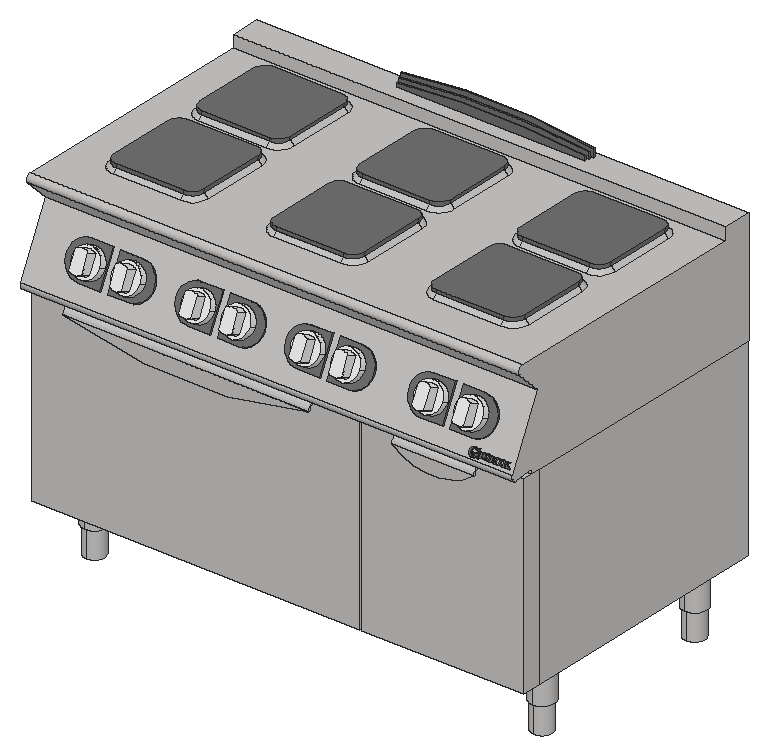
Revit family "QF_GIORIK_CE76QE", category Specialty Equipment, Revit 2014
Parameters (values of type "CE76QE")
  Weight in Pounds = 352.7392
  Watts = 21600 W
  Volts = 400 V
  URL Cutsheet = "www.giorik.com"
  URL = "www.giorik.com"
  Status [instance] = ""
  Specification by User [instance] = ""
  Specification by Manufacturer = ""
  Show Logo [instance] = yes
  Show Clearance [instance] = yes
  Serial Number = ""
  Seismic Rating = ""
  SMACNA No = ""
  Revision Code [instance] = ""
  Phase = 3
  Number of Poles [instance] = 3
  NAFEM Spec ID Number = ""
  Model = "CE76QE"
  Min Ckt Ampacity = 0 A
  Max Overcurrent Protection = 0 A
  Masterspec = ""
  Manufacturer = "GIORIK"
  Item Number [instance] = ""
  Installed By [instance] = ""
  Identify Quantity as Lot [instance] = no
  HP = "28.966032000000"
  Furnished By [instance] = ""
  Foodservice Equipment Identifier [instance] = yes
  FL Amps = 0 A
  Electrical Remarks [instance] = ""
  Electric Connection Type [instance] = ""
  Elec Conn RI Height [instance] = 0 mm
  Elec Conn Connection Height [instance] = 150 mm
  Description = "6 ELECTRIC SQUARE PLATE HOB ON ELECTRIC OVEN"
  Cycle = 50 Hz
  Conn Plug = ""
  CSI MasterFormat = ""
  Assembly Code = "E1090320"
  Apparent Power = 21600 VA
Reference planes
  plane 1 "Back": y = 0
  plane 2: z = 0
  plane 3 "Left": x = 0
  plane 4 "Right": x = 1200
  plane 5 "Front": y = -720
  plane 6 "Top": z = 900
Forms (mm)
  Extrusion 1, solid, visible <- "Show Logo"
    sketch origin (996.604, -736.761, 609.486) x (-1, 0, 0) y (0, 0.452718, 0.891654)
      loop
        line (-118.824, 58.358) -> (-127.804, 58.358) -> (-125.523, 56.445) -> (-125.523, 48.027) -> (-127.804, 46.113) -> (-118.824, 46.113) -> (-121.105, 48.027) -> (-121.105, 56.445) -> (-118.824, 58.358)
      loop
        line (-163.721, 58.358) -> (-172.7, 58.358) -> (-170.42, 56.445) -> (-170.42, 48.027) -> (-172.7, 46.113) -> (-163.721, 46.113) -> (-166.001, 48.027) -> (-166.001, 56.445) -> (-163.721, 58.358)
      loop
        line (-174.332, 58.358) -> (-183.312, 58.358) -> (-181.031, 56.445) -> (-181.031, 52.435) -> (-186.419, 56.955) -> (-184.416, 58.358) -> (-191.268, 58.358) -> (-188.01, 56.839) -> (-185.455, 54.283) -> (-190.846, 47.858) -> (-193.396, 46.93) -> (-193.396, 46.113) -> (-184.416, 46.113) -> (-185.437, 47.571) -> (-182.443, 51.552) -> (-181.031, 50.894) -> (-181.031, 48.027) -> (-183.312, 46.113) -> (-174.332, 46.113) -> (-176.613, 48.027) -> (-176.613, 56.445) -> (-174.332, 58.358)
      loop
        line (-115.429, 62.063) -> (-115.429, 54.198)
        arc (-115.429, 54.198) -> (-111.618, 57.803) -> (-106.847, 59.986) r 16.039
        arc (-106.847, 59.986) -> (-103.314, 59.837) -> (-100.512, 57.68) r 5.851
        arc (-100.512, 57.68) -> (-98.815, 52.267) -> (-100.512, 46.853) r 9.479
        arc (-100.512, 46.853) -> (-102.406, 44.986) -> (-104.846, 43.93) r 7.236
        arc (-104.846, 43.93) -> (-107.728, 44.111) -> (-110.052, 45.825) r 5.11
        line (-110.052, 45.825) -> (-110.052, 52.001) -> (-116.141, 52.001) -> (-116.141, 45.503) -> (-117.893, 43.751) -> (-114.094, 44.769)
        arc (-114.094, 44.769) -> (-112.56, 44.947) -> (-111.129, 44.366) r 3.115
        arc (-111.129, 44.366) -> (-104.216, 42.091) -> (-97.303, 44.366) r 11.641
        arc (-97.303, 44.366) -> (-93.396, 52.107) -> (-97.303, 59.849) r 9.622
        arc (-97.303, 59.849) -> (-104.369, 62.174) -> (-111.435, 59.849) r 11.898
        line (-111.435, 59.849) -> (-115.429, 62.063)
      loop
        arc (-129.234, 56.068) -> (-135.893, 58.628) -> (-142.552, 56.068) r 9.941
        arc (-142.552, 56.068) -> (-144.234, 52.286) -> (-142.552, 48.505) r 5.093
        arc (-142.552, 48.505) -> (-135.893, 45.945) -> (-129.234, 48.505) r 9.941
        arc (-129.234, 48.505) -> (-127.552, 52.286) -> (-129.234, 56.068) r 5.093
      loop
        arc (-132.628, 54.403) -> (-135.893, 57.668) -> (-139.158, 54.403) r 3.265
        line (-139.158, 54.403) -> (-139.158, 50.169)
        arc (-139.158, 50.169) -> (-135.893, 46.904) -> (-132.628, 50.169) r 3.265
        line (-132.628, 50.169) -> (-132.628, 54.403)
      loop
        arc (-156.363, 58.365) -> (-159.647, 55.081) -> (-156.363, 51.796) r 3.285
        line (-156.363, 51.796) -> (-159.529, 47.306) -> (-162.087, 46.113) -> (-155.847, 46.113) -> (-153.529, 51.083) -> (-150.637, 51.083) -> (-150.637, 47.784) -> (-153.022, 46.113) -> (-144.011, 46.113) -> (-146.094, 47.68) -> (-146.094, 56.493) -> (-144.229, 58.365) -> (-156.363, 58.365)
      loop
        line (-150.637, 57.512) -> (-153.637, 57.512)
        arc (-153.637, 57.512) -> (-156.237, 54.912) -> (-153.637, 52.312) r 2.6
        line (-153.637, 52.312) -> (-150.637, 52.312) -> (-150.637, 57.512)
      loop
        line (-108.924, 52.001) -> (-104.936, 49.005) -> (-100.948, 52.001) -> (-108.924, 52.001)
    from 1.5 to -0.5
  Extrusion 2, solid
    sketch origin (-16, 1025.81, 0) x (1, 0, 0) y (0, 1, 0)
      loop
        line (25, -1086.81) -> (25, -1156.81) -> (115, -1156.81) -> (115, -1086.81) -> (25, -1086.81)
    from 148 to 150
  Extrusion 3, solid
    sketch origin (-4, 0, 130) x (1, 0, 0) y (0, 1, 0)
      loop
        circle (54, -385) r 12.5
    from 0 to 20
  Extrusion 4, solid
    sketch origin (0, 1000, -20) x (0, 1, 0) y (0, 0, 1)
      loop
        line (-1000, 919.988) -> (-1070, 919.988) -> (-1070, 889.988) -> (-1688.806, 889.988)
        arc (-1688.806, 889.988) -> (-1699.151, 883.075) -> (-1696.724, 870.873) r 11.197
        line (-1696.724, 870.873) -> (-1640.876, 815.025) -> (-1718.948, 661.258)
        arc (-1718.948, 661.258) -> (-1718.233, 650.105) -> (-1708.118, 645.354) r 10.981
        line (-1708.118, 645.354) -> (-1660, 649.925) -> (-1660, 640) -> (-1000, 640) -> (-1000, 919.988)
    from 0 to 1200
  Extrusion 5, solid
    sketch origin (0, 0, 599.536) x (1, 0, 0) y (0, 1, 0)
      loop
        line (0, -640) -> (40, -640) -> (40, -40) -> (1160, -40) -> (1160, -640) -> (1200, -640) -> (1200, 0) -> (0, 0) -> (0, -640)
    from -449.536 to 20.464
  Extrusion 6, solid
    sketch origin (0, 0, 0) x (1, 0, 0) y (0, 1, 0)
      loop
        line (40, -40) -> (40, -640) -> (1160, -640) -> (1160, -40) -> (40, -40)
    from 150 to 190
  Extrusion 7, solid
    sketch origin (-16, 560.81, 0) x (1, 0, 0) y (0, 1, 0)
      loop
        line (25, -1086.81) -> (25, -1156.81) -> (115, -1156.81) -> (115, -1086.81) -> (25, -1086.81)
    from 148 to 150
  Revolve 8, solid
    sketch origin (54, 560.81, 0) x (0, 1, 0) y (0, 0, 1)
      loop
        line (-1092.56, 66) -> (-1092.56, 148) -> (-1121.81, 148) -> (-1121.81, 0) -> (-1096.81, 0) -> (-1096.81, 66) -> (-1092.56, 66)
      axis (-1121.81, 0) -> (-1121.81, 148)
    angle from 0 to 360
  Revolve 9, solid
    sketch origin (54, 1025.81, 0) x (0, 1, 0) y (0, 0, 1)
      loop
        line (-1092.56, 66) -> (-1092.56, 148) -> (-1121.81, 148) -> (-1121.81, 0) -> (-1096.81, 0) -> (-1096.81, 66) -> (-1092.56, 66)
      axis (-1121.81, 0) -> (-1121.81, 148)
    angle from 0 to 360
  Extrusion 10, solid
    sketch origin (1216, 560.81, 0) x (-1, 0, 0) y (0, -1, 0)
      loop
        line (25, 1086.81) -> (115, 1086.81) -> (115, 1156.81) -> (25, 1156.81) -> (25, 1086.81)
    from 148 to 150
  Revolve 11, solid
    sketch origin (1146, 560.81, 0) x (0, 1, 0) y (0, 0, -1)
      loop
        line (-1092.56, -66) -> (-1096.81, -66) -> (-1096.81, 0) -> (-1121.81, 0) -> (-1121.81, -148) -> (-1092.56, -148) -> (-1092.56, -66)
      axis (-1121.81, 0) -> (-1121.81, -148)
    angle from 0 to 360
  Extrusion 12, solid
    sketch origin (1216, -1217.81, 0) x (-1, 0, 0) y (0, -1, 0)
      loop
        line (25, -1086.81) -> (25, -1156.81) -> (115, -1156.81) -> (115, -1086.81) -> (25, -1086.81)
    from 148 to 150
  Revolve 13, solid
    sketch origin (1146, -1217.81, 0) x (0, -1, 0) y (0, 0, 1)
      loop
        line (-1092.56, 66) -> (-1092.56, 148) -> (-1121.81, 148) -> (-1121.81, 0) -> (-1096.81, 0) -> (-1096.81, 66) -> (-1092.56, 66)
      axis (-1121.81, 0) -> (-1121.81, 148)
    angle from 0 to 360
  Extrusion 14, solid
    sketch origin (-283.221, -963.345, 52.363) x (1, 0, 0) y (0, 0.452718, 0.891654)
      loop
        line (463.221, 676.25) -> (463.221, 766.25) -> (409.698, 766.25)
        arc (409.698, 766.25) -> (364.698, 721.25) -> (409.698, 676.25) r 45
        line (409.698, 676.25) -> (463.221, 676.25)
    from 48 to 50
  Extrusion 15, solid
    sketch origin (491.331, -1008.697, 74.959) x (-1, 0, 0) y (0, -0.45351, -0.891251)
      loop
        circle (351.331, -721.346) r 35
    from 0 to 15
  Extrusion 16, solid
    sketch origin (491.331, -1008.697, 74.959) x (-1, 0, 0) y (0, -0.45351, -0.891251)
      loop
        arc (336.331, -743.846) -> (351.331, -748.846) -> (366.331, -743.846) r 25
        line (366.331, -743.846) -> (366.331, -698.846)
        arc (366.331, -698.846) -> (351.331, -693.846) -> (336.331, -698.846) r 25
        line (336.331, -698.846) -> (336.331, -743.846)
    from 15 to 40
  Extrusion 17, solid
    sketch origin (661.221, -963.345, 52.363) x (-1, 0, 0) y (0, -0.452718, -0.891654)
      loop
        line (463.221, -676.25) -> (409.698, -676.25)
        arc (409.698, -676.25) -> (364.698, -721.25) -> (409.698, -766.25) r 45
        line (409.698, -766.25) -> (463.221, -766.25) -> (463.221, -676.25)
    from 48 to 50
  Extrusion 18, solid
    sketch origin (-113.331, -1008.697, 74.959) x (1, 0, 0) y (0, 0.45351, 0.891251)
      loop
        circle (351.331, 721.346) r 35
    from 0 to 15
  Extrusion 19, solid
    sketch origin (-113.331, -1008.697, 74.959) x (1, 0, 0) y (0, 0.45351, 0.891251)
      loop
        line (336.331, 743.846) -> (336.331, 698.846)
        arc (336.331, 698.846) -> (351.331, 693.846) -> (366.331, 698.846) r 25
        line (366.331, 698.846) -> (366.331, 743.846)
        arc (366.331, 743.846) -> (351.331, 748.846) -> (336.331, 743.846) r 25
    from 15 to 40
  Extrusion 20, solid
    sketch origin (236.031, 0, -10.001) x (1, 0, 0) y (0, 0, 1)
      loop
        line (135, 909.989) -> (592.969, 909.989) -> (592.969, 919.989) -> (440.969, 929.989) -> (287, 929.989) -> (135, 919.989) -> (135, 909.989)
    from 32 to 35
  Extrusion 21, solid
    sketch origin (238, 10, -10.001) x (1, 0, 0) y (0, 0, 1)
      loop
        line (594, 909.989) -> (594, 924.989) -> (440, 937.489) -> (284, 937.489) -> (130, 925.001) -> (130, 909.989) -> (594, 909.989)
    from 32 to 35
  Extrusion 22, solid
    sketch origin (240, 20, -10.001) x (1, 0, 0) y (0, 0, 1)
      loop
        line (595, 909.989) -> (595, 930.001) -> (439, 945.258) -> (281, 945.258) -> (125, 929.989) -> (125, 909.989) -> (595, 909.989)
    from 32 to 35
  Extrusion 23, solid
    sketch origin (801.002, 17.5, 864.988) x (0, 1, 0) y (-1, 0, 0)
      loop
        arc (-121.5, -108) -> (-129.701, -88.201) -> (-149.5, -80) r 28
        line (-149.5, -80) -> (-313.5, -80)
        arc (-313.5, -80) -> (-333.299, -88.201) -> (-341.5, -108) r 28
        line (-341.5, -108) -> (-341.5, -271.998)
        arc (-341.5, -271.998) -> (-333.299, -291.797) -> (-313.5, -299.998) r 28
        line (-313.5, -299.998) -> (-149.5, -299.998)
        arc (-149.5, -299.998) -> (-129.701, -291.797) -> (-121.5, -271.998) r 28
        line (-121.5, -271.998) -> (-121.5, -108)
    from 23 to 15
  Blend 24, solid
    base sketch origin (1545.362, -805.004, 869.988) x (0, 1, 0) y (-1, 0, 0)
      loop
        arc (710.004, 636.36) -> (699.167, 662.523) -> (673.004, 673.36) r 37
        line (673.004, 673.36) -> (509.004, 673.36)
        arc (509.004, 673.36) -> (482.841, 662.523) -> (472.004, 636.36) r 37
        line (472.004, 636.36) -> (472.004, 472.362)
        arc (472.004, 472.362) -> (482.841, 446.199) -> (509.004, 435.362) r 37
        line (509.004, 435.362) -> (673.004, 435.362)
        arc (673.004, 435.362) -> (699.167, 446.199) -> (710.004, 472.362) r 37
        line (710.004, 472.362) -> (710.004, 636.36)
    top sketch origin (1545.362, -805.004, 900) x (0, 1, 0) y (-1, 0, 0)
      loop
        arc (701.004, 636.36) -> (692.803, 656.159) -> (673.004, 664.36) r 28
        line (673.004, 664.36) -> (509.004, 664.36)
        arc (509.004, 664.36) -> (489.205, 656.159) -> (481.004, 636.36) r 28
        line (481.004, 636.36) -> (481.004, 472.362)
        arc (481.004, 472.362) -> (489.205, 452.563) -> (509.004, 444.362) r 28
        line (509.004, 444.362) -> (673.004, 444.362)
        arc (673.004, 444.362) -> (692.803, 452.563) -> (701.004, 472.362) r 28
        line (701.004, 472.362) -> (701.004, 636.36)
    from 0 to -20.012
  Extrusion 25, solid
    sketch origin (19, 17.5, 864.988) x (0, 1, 0) y (-1, 0, 0)
      loop
        arc (-121.5, -108) -> (-129.701, -88.201) -> (-149.5, -80) r 28
        line (-149.5, -80) -> (-313.5, -80)
        arc (-313.5, -80) -> (-333.299, -88.201) -> (-341.5, -108) r 28
        line (-341.5, -108) -> (-341.5, -271.998)
        arc (-341.5, -271.998) -> (-333.299, -291.797) -> (-313.5, -299.998) r 28
        line (-313.5, -299.998) -> (-149.5, -299.998)
        arc (-149.5, -299.998) -> (-129.701, -291.797) -> (-121.5, -271.998) r 28
        line (-121.5, -271.998) -> (-121.5, -108)
    from 23 to 15
  Blend 26, solid
    base sketch origin (763.36, -805.004, 869.988) x (0, 1, 0) y (-1, 0, 0)
      loop
        arc (710.004, 636.36) -> (699.167, 662.523) -> (673.004, 673.36) r 37
        line (673.004, 673.36) -> (509.004, 673.36)
        arc (509.004, 673.36) -> (482.841, 662.523) -> (472.004, 636.36) r 37
        line (472.004, 636.36) -> (472.004, 472.362)
        arc (472.004, 472.362) -> (482.841, 446.199) -> (509.004, 435.362) r 37
        line (509.004, 435.362) -> (673.004, 435.362)
        arc (673.004, 435.362) -> (699.167, 446.199) -> (710.004, 472.362) r 37
        line (710.004, 472.362) -> (710.004, 636.36)
    top sketch origin (763.36, -805.004, 900) x (0, 1, 0) y (-1, 0, 0)
      loop
        arc (701.004, 636.36) -> (692.803, 656.159) -> (673.004, 664.36) r 28
        line (673.004, 664.36) -> (509.004, 664.36)
        arc (509.004, 664.36) -> (489.205, 656.159) -> (481.004, 636.36) r 28
        line (481.004, 636.36) -> (481.004, 472.362)
        arc (481.004, 472.362) -> (489.205, 452.563) -> (509.004, 444.362) r 28
        line (509.004, 444.362) -> (673.004, 444.362)
        arc (673.004, 444.362) -> (692.803, 452.563) -> (701.004, 472.362) r 28
        line (701.004, 472.362) -> (701.004, 636.36)
    from 0 to -20.012
  Extrusion 27, solid
    sketch origin (410.001, 17.5, 864.988) x (0, 1, 0) y (-1, 0, 0)
      loop
        arc (-121.5, -108) -> (-129.701, -88.201) -> (-149.5, -80) r 28
        line (-149.5, -80) -> (-313.5, -80)
        arc (-313.5, -80) -> (-333.299, -88.201) -> (-341.5, -108) r 28
        line (-341.5, -108) -> (-341.5, -271.998)
        arc (-341.5, -271.998) -> (-333.299, -291.797) -> (-313.5, -299.998) r 28
        line (-313.5, -299.998) -> (-149.5, -299.998)
        arc (-149.5, -299.998) -> (-129.701, -291.797) -> (-121.5, -271.998) r 28
        line (-121.5, -271.998) -> (-121.5, -108)
    from 23 to 15
  Blend 28, solid
    base sketch origin (1154.361, -805.004, 869.988) x (0, 1, 0) y (-1, 0, 0)
      loop
        arc (710.004, 636.36) -> (699.167, 662.523) -> (673.004, 673.36) r 37
        line (673.004, 673.36) -> (509.004, 673.36)
        arc (509.004, 673.36) -> (482.841, 662.523) -> (472.004, 636.36) r 37
        line (472.004, 636.36) -> (472.004, 472.362)
        arc (472.004, 472.362) -> (482.841, 446.199) -> (509.004, 435.362) r 37
        line (509.004, 435.362) -> (673.004, 435.362)
        arc (673.004, 435.362) -> (699.167, 446.199) -> (710.004, 472.362) r 37
        line (710.004, 472.362) -> (710.004, 636.36)
    top sketch origin (1154.361, -805.004, 900) x (0, 1, 0) y (-1, 0, 0)
      loop
        arc (701.004, 636.36) -> (692.803, 656.159) -> (673.004, 664.36) r 28
        line (673.004, 664.36) -> (509.004, 664.36)
        arc (509.004, 664.36) -> (489.205, 656.159) -> (481.004, 636.36) r 28
        line (481.004, 636.36) -> (481.004, 472.362)
        arc (481.004, 472.362) -> (489.205, 452.563) -> (509.004, 444.362) r 28
        line (509.004, 444.362) -> (673.004, 444.362)
        arc (673.004, 444.362) -> (692.803, 452.563) -> (701.004, 472.362) r 28
        line (701.004, 472.362) -> (701.004, 636.36)
    from 0 to -20.012
  Extrusion 29, solid
    sketch origin (801.002, -707.5, 864.988) x (0, -1, 0) y (1, 0, 0)
      loop
        line (-121.5, 108) -> (-121.5, 271.998)
        arc (-121.5, 271.998) -> (-129.701, 291.797) -> (-149.5, 299.998) r 28
        line (-149.5, 299.998) -> (-313.5, 299.998)
        arc (-313.5, 299.998) -> (-333.299, 291.797) -> (-341.5, 271.998) r 28
        line (-341.5, 271.998) -> (-341.5, 108)
        arc (-341.5, 108) -> (-333.299, 88.201) -> (-313.5, 80) r 28
        line (-313.5, 80) -> (-149.5, 80)
        arc (-149.5, 80) -> (-129.701, 88.201) -> (-121.5, 108) r 28
    from 23 to 15
  Blend 30, solid
    base sketch origin (1545.362, 115.004, 869.988) x (0, -1, 0) y (1, 0, 0)
      loop
        line (710.004, -636.36) -> (710.004, -472.362)
        arc (710.004, -472.362) -> (699.167, -446.199) -> (673.004, -435.362) r 37
        line (673.004, -435.362) -> (509.004, -435.362)
        arc (509.004, -435.362) -> (482.841, -446.199) -> (472.004, -472.362) r 37
        line (472.004, -472.362) -> (472.004, -636.36)
        arc (472.004, -636.36) -> (482.841, -662.523) -> (509.004, -673.36) r 37
        line (509.004, -673.36) -> (673.004, -673.36)
        arc (673.004, -673.36) -> (699.167, -662.523) -> (710.004, -636.36) r 37
    top sketch origin (1545.362, 115.004, 900) x (0, -1, 0) y (1, 0, 0)
      loop
        line (701.004, -636.36) -> (701.004, -472.362)
        arc (701.004, -472.362) -> (692.803, -452.563) -> (673.004, -444.362) r 28
        line (673.004, -444.362) -> (509.004, -444.362)
        arc (509.004, -444.362) -> (489.205, -452.563) -> (481.004, -472.362) r 28
        line (481.004, -472.362) -> (481.004, -636.36)
        arc (481.004, -636.36) -> (489.205, -656.159) -> (509.004, -664.36) r 28
        line (509.004, -664.36) -> (673.004, -664.36)
        arc (673.004, -664.36) -> (692.803, -656.159) -> (701.004, -636.36) r 28
    from 0 to -20.012
  Extrusion 31, solid
    sketch origin (19, -707.5, 864.988) x (0, -1, 0) y (1, 0, 0)
      loop
        line (-121.5, 108) -> (-121.5, 271.998)
        arc (-121.5, 271.998) -> (-129.701, 291.797) -> (-149.5, 299.998) r 28
        line (-149.5, 299.998) -> (-313.5, 299.998)
        arc (-313.5, 299.998) -> (-333.299, 291.797) -> (-341.5, 271.998) r 28
        line (-341.5, 271.998) -> (-341.5, 108)
        arc (-341.5, 108) -> (-333.299, 88.201) -> (-313.5, 80) r 28
        line (-313.5, 80) -> (-149.5, 80)
        arc (-149.5, 80) -> (-129.701, 88.201) -> (-121.5, 108) r 28
    from 23 to 15
  Blend 32, solid
    base sketch origin (763.36, 115.004, 869.988) x (0, -1, 0) y (1, 0, 0)
      loop
        line (710.004, -636.36) -> (710.004, -472.362)
        arc (710.004, -472.362) -> (699.167, -446.199) -> (673.004, -435.362) r 37
        line (673.004, -435.362) -> (509.004, -435.362)
        arc (509.004, -435.362) -> (482.841, -446.199) -> (472.004, -472.362) r 37
        line (472.004, -472.362) -> (472.004, -636.36)
        arc (472.004, -636.36) -> (482.841, -662.523) -> (509.004, -673.36) r 37
        line (509.004, -673.36) -> (673.004, -673.36)
        arc (673.004, -673.36) -> (699.167, -662.523) -> (710.004, -636.36) r 37
    top sketch origin (763.36, 115.004, 900) x (0, -1, 0) y (1, 0, 0)
      loop
        line (701.004, -636.36) -> (701.004, -472.362)
        arc (701.004, -472.362) -> (692.803, -452.563) -> (673.004, -444.362) r 28
        line (673.004, -444.362) -> (509.004, -444.362)
        arc (509.004, -444.362) -> (489.205, -452.563) -> (481.004, -472.362) r 28
        line (481.004, -472.362) -> (481.004, -636.36)
        arc (481.004, -636.36) -> (489.205, -656.159) -> (509.004, -664.36) r 28
        line (509.004, -664.36) -> (673.004, -664.36)
        arc (673.004, -664.36) -> (692.803, -656.159) -> (701.004, -636.36) r 28
    from 0 to -20.012
  Extrusion 33, solid
    sketch origin (410.001, -707.5, 864.988) x (0, -1, 0) y (1, 0, 0)
      loop
        line (-121.5, 108) -> (-121.5, 271.998)
        arc (-121.5, 271.998) -> (-129.701, 291.797) -> (-149.5, 299.998) r 28
        line (-149.5, 299.998) -> (-313.5, 299.998)
        arc (-313.5, 299.998) -> (-333.299, 291.797) -> (-341.5, 271.998) r 28
        line (-341.5, 271.998) -> (-341.5, 108)
        arc (-341.5, 108) -> (-333.299, 88.201) -> (-313.5, 80) r 28
        line (-313.5, 80) -> (-149.5, 80)
        arc (-149.5, 80) -> (-129.701, 88.201) -> (-121.5, 108) r 28
    from 23 to 15
  Blend 34, solid
    base sketch origin (1154.361, 115.004, 869.988) x (0, -1, 0) y (1, 0, 0)
      loop
        line (710.004, -636.36) -> (710.004, -472.362)
        arc (710.004, -472.362) -> (699.167, -446.199) -> (673.004, -435.362) r 37
        line (673.004, -435.362) -> (509.004, -435.362)
        arc (509.004, -435.362) -> (482.841, -446.199) -> (472.004, -472.362) r 37
        line (472.004, -472.362) -> (472.004, -636.36)
        arc (472.004, -636.36) -> (482.841, -662.523) -> (509.004, -673.36) r 37
        line (509.004, -673.36) -> (673.004, -673.36)
        arc (673.004, -673.36) -> (699.167, -662.523) -> (710.004, -636.36) r 37
    top sketch origin (1154.361, 115.004, 900) x (0, -1, 0) y (1, 0, 0)
      loop
        line (701.004, -636.36) -> (701.004, -472.362)
        arc (701.004, -472.362) -> (692.803, -452.563) -> (673.004, -444.362) r 28
        line (673.004, -444.362) -> (509.004, -444.362)
        arc (509.004, -444.362) -> (489.205, -452.563) -> (481.004, -472.362) r 28
        line (481.004, -472.362) -> (481.004, -636.36)
        arc (481.004, -636.36) -> (489.205, -656.159) -> (509.004, -664.36) r 28
        line (509.004, -664.36) -> (673.004, -664.36)
        arc (673.004, -664.36) -> (692.803, -656.159) -> (701.004, -636.36) r 28
    from 0 to -20.012
  Extrusion 35, solid
    sketch origin (929.221, -963.345, 52.363) x (-1, 0, 0) y (0, -0.452718, -0.891654)
      loop
        line (463.221, -676.25) -> (409.698, -676.25)
        arc (409.698, -676.25) -> (364.698, -721.25) -> (409.698, -766.25) r 45
        line (409.698, -766.25) -> (463.221, -766.25) -> (463.221, -676.25)
    from 48 to 50
  Extrusion 36, solid
    sketch origin (154.669, -1008.697, 74.959) x (1, 0, 0) y (0, 0.45351, 0.891251)
      loop
        circle (351.331, 721.346) r 35
    from 0 to 15
  Extrusion 37, solid
    sketch origin (154.669, -1008.697, 74.959) x (1, 0, 0) y (0, 0.45351, 0.891251)
      loop
        line (336.331, 743.846) -> (336.331, 698.846)
        arc (336.331, 698.846) -> (351.331, 693.846) -> (366.331, 698.846) r 25
        line (366.331, 698.846) -> (366.331, 743.846)
        arc (366.331, 743.846) -> (351.331, 748.846) -> (336.331, 743.846) r 25
    from 15 to 40
  Extrusion 38, solid
    sketch origin (-15.221, -963.345, 52.363) x (1, 0, 0) y (0, 0.452718, 0.891654)
      loop
        line (463.221, 676.25) -> (463.221, 766.25) -> (409.698, 766.25)
        arc (409.698, 766.25) -> (364.698, 721.25) -> (409.698, 676.25) r 45
        line (409.698, 676.25) -> (463.221, 676.25)
    from 48 to 50
  Extrusion 39, solid
    sketch origin (759.331, -1008.697, 74.959) x (-1, 0, 0) y (0, -0.45351, -0.891251)
      loop
        circle (351.331, -721.346) r 35
    from 0 to 15
  Extrusion 40, solid
    sketch origin (759.331, -1008.697, 74.959) x (-1, 0, 0) y (0, -0.45351, -0.891251)
      loop
        arc (336.331, -743.846) -> (351.331, -748.846) -> (366.331, -743.846) r 25
        line (366.331, -743.846) -> (366.331, -698.846)
        arc (366.331, -698.846) -> (351.331, -693.846) -> (336.331, -698.846) r 25
        line (336.331, -698.846) -> (336.331, -743.846)
    from 15 to 40
  Extrusion 41, solid
    sketch origin (252.779, -963.345, 52.363) x (1, 0, 0) y (0, 0.452718, 0.891654)
      loop
        line (463.221, 676.25) -> (463.221, 766.25) -> (409.698, 766.25)
        arc (409.698, 766.25) -> (364.698, 721.25) -> (409.698, 676.25) r 45
        line (409.698, 676.25) -> (463.221, 676.25)
    from 48 to 50
  Extrusion 42, solid
    sketch origin (1027.331, -1008.697, 74.959) x (-1, 0, 0) y (0, -0.45351, -0.891251)
      loop
        circle (351.331, -721.346) r 35
    from 0 to 15
  Extrusion 43, solid
    sketch origin (1027.331, -1008.697, 74.959) x (-1, 0, 0) y (0, -0.45351, -0.891251)
      loop
        arc (336.331, -743.846) -> (351.331, -748.846) -> (366.331, -743.846) r 25
        line (366.331, -743.846) -> (366.331, -698.846)
        arc (366.331, -698.846) -> (351.331, -693.846) -> (336.331, -698.846) r 25
        line (336.331, -698.846) -> (336.331, -743.846)
    from 15 to 40
  Extrusion 44, solid
    sketch origin (1197.221, -963.345, 52.363) x (-1, 0, 0) y (0, -0.452718, -0.891654)
      loop
        line (463.221, -676.25) -> (409.698, -676.25)
        arc (409.698, -676.25) -> (364.698, -721.25) -> (409.698, -766.25) r 45
        line (409.698, -766.25) -> (463.221, -766.25) -> (463.221, -676.25)
    from 48 to 50
  Extrusion 45, solid
    sketch origin (422.669, -1008.697, 74.959) x (1, 0, 0) y (0, 0.45351, 0.891251)
      loop
        circle (351.331, 721.346) r 35
    from 0 to 15
  Extrusion 46, solid
    sketch origin (422.669, -1008.697, 74.959) x (1, 0, 0) y (0, 0.45351, 0.891251)
      loop
        line (336.331, 743.846) -> (336.331, 698.846)
        arc (336.331, 698.846) -> (351.331, 693.846) -> (366.331, 698.846) r 25
        line (366.331, 698.846) -> (366.331, 743.846)
        arc (366.331, 743.846) -> (351.331, 748.846) -> (336.331, 743.846) r 25
    from 15 to 40
  Extrusion 47, solid
    sketch origin (805, -725, 0) x (1, 0, 0) y (0, 0, 1)
      loop
        line (0, 620) -> (0, 150) -> (395, 150) -> (395, 620) -> (0, 620)
    from -85 to -40
  Extrusion 48, solid
    sketch origin (805, -725, -20.1) x (0, 1, 0) y (0, 0, 1)
      loop
        arc (25, 640.1) -> (14.393, 635.707) -> (10, 625.1) r 15
        line (10, 625.1) -> (12, 625.1)
        arc (12, 625.1) -> (15.808, 634.292) -> (25, 638.1) r 13
        line (25, 638.1) -> (40, 638.1) -> (40, 640.1) -> (25, 640.1)
    from 97.5 to 297.5
  Extrusion 49, solid
    sketch origin (805, -724.905, -20.1) x (1, 0, 0) y (0, 0, 1)
      loop
        arc (97.5, 625.1) -> (197.5, 590.089) -> (297.5, 625.1) r 160.316
        line (297.5, 625.1) -> (97.5, 625.1)
    from -11.905 to -9.905
  Extrusion 50, solid, visible <- "Show Clearance", detail levels coarse
    sketch origin (1200, -725, 0) x (-1, 0, 0) y (0, -1, 0)
      loop
        line (0, -40) -> (395, -40)
        arc (395, -40) -> (279.307, 239.307) -> (0, 355) r 395
        line (0, 355) -> (0, -40)
    from 150 to 620
  Extrusion 51, solid
    sketch origin (0, -725, 0) x (1, 0, 0) y (0, 0, 1)
      loop
        line (0, 620) -> (0, 150) -> (800, 150) -> (800, 620) -> (0, 620)
    from -85 to -40
  Extrusion 52, solid
    sketch origin (2.5, -725, -20.1) x (0, 1, 0) y (0, 0, 1)
      loop
        arc (25, 640.1) -> (14.393, 635.707) -> (10, 625.1) r 15
        line (10, 625.1) -> (12, 625.1)
        arc (12, 625.1) -> (15.808, 634.292) -> (25, 638.1) r 13
        line (25, 638.1) -> (40, 638.1) -> (40, 640.1) -> (25, 640.1)
    from 97.5 to 697.5
  Extrusion 53, solid
    sketch origin (2.5, -724.905, -20.1) x (1, 0, 0) y (0, 0, 1)
      loop
        arc (97.5, 625.1) -> (397.5, 582.413) -> (697.5, 625.1) r 1075.531
        line (697.5, 625.1) -> (97.5, 625.1)
    from -11.905 to -9.905
  Extrusion 54, solid, visible <- "Show Clearance", detail levels coarse
    sketch origin (0, 0, 0) x (0, 1, 0) y (0, 0, 1)
      loop
        line (-685, 150) -> (-685, 620)
        arc (-685, 620) -> (-1017.34, 482.34) -> (-1155, 150) r 470
        line (-1155, 150) -> (-685, 150)
    from 0 to 800
  Extrusion 55, solid
    sketch origin (552.779, -963.345, 52.363) x (1, 0, 0) y (0, 0.452718, 0.891654)
      loop
        line (463.221, 676.25) -> (463.221, 766.25) -> (409.698, 766.25)
        arc (409.698, 766.25) -> (364.698, 721.25) -> (409.698, 676.25) r 45
        line (409.698, 676.25) -> (463.221, 676.25)
    from 48 to 50
  Extrusion 56, solid
    sketch origin (1327.331, -1008.697, 74.959) x (-1, 0, 0) y (0, -0.45351, -0.891251)
      loop
        circle (351.331, -721.346) r 35
    from 0 to 15
  Extrusion 57, solid
    sketch origin (1327.331, -1008.697, 74.959) x (-1, 0, 0) y (0, -0.45351, -0.891251)
      loop
        arc (336.331, -743.846) -> (351.331, -748.846) -> (366.331, -743.846) r 25
        line (366.331, -743.846) -> (366.331, -698.846)
        arc (366.331, -698.846) -> (351.331, -693.846) -> (336.331, -698.846) r 25
        line (336.331, -698.846) -> (336.331, -743.846)
    from 15 to 40
  Extrusion 58, solid
    sketch origin (1497.221, -963.345, 52.363) x (-1, 0, 0) y (0, -0.452718, -0.891654)
      loop
        line (463.221, -676.25) -> (409.698, -676.25)
        arc (409.698, -676.25) -> (364.698, -721.25) -> (409.698, -766.25) r 45
        line (409.698, -766.25) -> (463.221, -766.25) -> (463.221, -676.25)
    from 48 to 50
  Extrusion 59, solid
    sketch origin (722.669, -1008.697, 74.959) x (1, 0, 0) y (0, 0.45351, 0.891251)
      loop
        circle (351.331, 721.346) r 35
    from 0 to 15
  Extrusion 60, solid
    sketch origin (722.669, -1008.697, 74.959) x (1, 0, 0) y (0, 0.45351, 0.891251)
      loop
        line (336.331, 743.846) -> (336.331, 698.846)
        arc (336.331, 698.846) -> (351.331, 693.846) -> (366.331, 698.846) r 25
        line (366.331, 698.846) -> (366.331, 743.846)
        arc (366.331, 743.846) -> (351.331, 748.846) -> (336.331, 743.846) r 25
    from 15 to 40
Lines and regions (mm)
  symbolic lines, style "200-EquipBorder-2D"
    curve 1: line (0, -720, 0) -> (1200, -720, 0)
    curve 2: line (1200, -720, 0) -> (1200, 0, 0)
    curve 3: line (1200, 0, 0) -> (0, 0, 0)
    curve 4: line (0, 0, 0) -> (0, -720, 0)
  symbolic lines, style "200-EquipInternal-2D"
    curve 5: line (0, -70, 900) -> (1200, -70, 900)
    curve 6: line (365, -12, 900) -> (835, -12, 900)
    curve 7: line (835, -12, 900) -> (835, -15, 900)
    curve 8: line (835, -15, 900) -> (365, -15, 900)
    curve 9: line (365, -15, 900) -> (365, -12, 900)
    curve 10: line (368, -22, 900) -> (832, -22, 900)
    curve 11: line (832, -22, 900) -> (832, -25, 900)
    curve 12: line (832, -25, 900) -> (368, -25, 900)
    curve 13: line (368, -25, 900) -> (368, -22, 900)
    curve 14: line (371.031, -32, 900) -> (829, -32, 900)
    curve 15: line (829, -32, 900) -> (829, -35, 900)
    curve 16: line (829, -35, 900) -> (371.031, -35, 900)
    curve 17: line (371.031, -35, 900) -> (371.031, -32, 900)
    curve 18: line (1073, -104, 0) -> (909.002, -104, 0)
    curve 19: arc (1101, -132, 0) -> (1092.799, -112.201, 0) -> (1073, -104, 0) r 28
    curve 20: line (1101, -296, 0) -> (1101, -132, 0)
    curve 21: arc (1073, -324, 0) -> (1092.799, -315.799, 0) -> (1101, -296, 0) r 28
    curve 22: line (909.002, -324, 0) -> (1073, -324, 0)
    curve 23: arc (881.002, -296, 0) -> (889.203, -315.799, 0) -> (909.002, -324, 0) r 28
    curve 24: line (881.002, -132, 0) -> (881.002, -296, 0)
    curve 25: arc (909.002, -104, 0) -> (889.203, -112.201, 0) -> (881.002, -132, 0) r 28
    curve 26: arc (909.002, -95, 0) -> (882.839, -105.837, 0) -> (872.002, -132, 0) r 37
    curve 27: line (1073, -95, 0) -> (909.002, -95, 0)
    curve 28: arc (1110, -132, 0) -> (1099.163, -105.837, 0) -> (1073, -95, 0) r 37
    curve 29: line (1110, -296, 0) -> (1110, -132, 0)
    curve 30: arc (1073, -333, 0) -> (1099.163, -322.163, 0) -> (1110, -296, 0) r 37
    curve 31: line (909.002, -333, 0) -> (1073, -333, 0)
    curve 32: arc (872.002, -296, 0) -> (882.839, -322.163, 0) -> (909.002, -333, 0) r 37
    curve 33: line (872.002, -132, 0) -> (872.002, -296, 0)
    curve 34: line (290.998, -104, 0) -> (127, -104, 0)
    curve 35: arc (318.998, -132, 0) -> (310.797, -112.201, 0) -> (290.998, -104, 0) r 28
    curve 36: line (318.998, -296, 0) -> (318.998, -132, 0)
    curve 37: arc (290.998, -324, 0) -> (310.797, -315.799, 0) -> (318.998, -296, 0) r 28
    curve 38: line (127, -324, 0) -> (290.998, -324, 0)
    curve 39: arc (99, -296, 0) -> (107.201, -315.799, 0) -> (127, -324, 0) r 28
    curve 40: line (99, -132, 0) -> (99, -296, 0)
    curve 41: arc (127, -104, 0) -> (107.201, -112.201, 0) -> (99, -132, 0) r 28
    curve 42: arc (127, -95, 0) -> (100.837, -105.837, 0) -> (90, -132, 0) r 37
    curve 43: line (290.998, -95, 0) -> (127, -95, 0)
    curve 44: arc (327.998, -132, 0) -> (317.161, -105.837, 0) -> (290.998, -95, 0) r 37
    curve 45: line (327.998, -296, 0) -> (327.998, -132, 0)
    curve 46: arc (290.998, -333, 0) -> (317.161, -322.163, 0) -> (327.998, -296, 0) r 37
    curve 47: line (127, -333, 0) -> (290.998, -333, 0)
    curve 48: arc (90, -296, 0) -> (100.837, -322.163, 0) -> (127, -333, 0) r 37
    curve 49: line (90, -132, 0) -> (90, -296, 0)
    curve 50: line (681.999, -104, 0) -> (518.001, -104, 0)
    curve 51: arc (709.999, -132, 0) -> (701.798, -112.201, 0) -> (681.999, -104, 0) r 28
    curve 52: line (709.999, -296, 0) -> (709.999, -132, 0)
    curve 53: arc (681.999, -324, 0) -> (701.798, -315.799, 0) -> (709.999, -296, 0) r 28
    curve 54: line (518.001, -324, 0) -> (681.999, -324, 0)
    curve 55: arc (490.001, -296, 0) -> (498.202, -315.799, 0) -> (518.001, -324, 0) r 28
    curve 56: line (490.001, -132, 0) -> (490.001, -296, 0)
    curve 57: arc (518.001, -104, 0) -> (498.202, -112.201, 0) -> (490.001, -132, 0) r 28
    curve 58: arc (518.001, -95, 0) -> (491.838, -105.837, 0) -> (481.001, -132, 0) r 37
    curve 59: line (681.999, -95, 0) -> (518.001, -95, 0)
    curve 60: arc (718.999, -132, 0) -> (708.162, -105.837, 0) -> (681.999, -95, 0) r 37
    curve 61: line (718.999, -296, 0) -> (718.999, -132, 0)
    curve 62: arc (681.999, -333, 0) -> (708.162, -322.163, 0) -> (718.999, -296, 0) r 37
    curve 63: line (518.001, -333, 0) -> (681.999, -333, 0)
    curve 64: arc (481.001, -296, 0) -> (491.838, -322.163, 0) -> (518.001, -333, 0) r 37
    curve 65: line (481.001, -132, 0) -> (481.001, -296, 0)
    curve 66: line (1073, -586, 0) -> (909.002, -586, 0)
    curve 67: arc (1101, -558, 0) -> (1092.799, -577.799, 0) -> (1073, -586, 0) r 28
    curve 68: line (1101, -394, 0) -> (1101, -558, 0)
    curve 69: arc (1073, -366, 0) -> (1092.799, -374.201, 0) -> (1101, -394, 0) r 28
    curve 70: line (909.002, -366, 0) -> (1073, -366, 0)
    curve 71: arc (881.002, -394, 0) -> (889.203, -374.201, 0) -> (909.002, -366, 0) r 28
    curve 72: line (881.002, -558, 0) -> (881.002, -394, 0)
    curve 73: arc (909.002, -586, 0) -> (889.203, -577.799, 0) -> (881.002, -558, 0) r 28
    curve 74: arc (909.002, -595, 0) -> (882.839, -584.163, 0) -> (872.002, -558, 0) r 37
    curve 75: line (1073, -595, 0) -> (909.002, -595, 0)
    curve 76: arc (1110, -558, 0) -> (1099.163, -584.163, 0) -> (1073, -595, 0) r 37
    curve 77: line (1110, -394, 0) -> (1110, -558, 0)
    curve 78: arc (1073, -357, 0) -> (1099.163, -367.837, 0) -> (1110, -394, 0) r 37
    curve 79: line (909.002, -357, 0) -> (1073, -357, 0)
    curve 80: arc (872.002, -394, 0) -> (882.839, -367.837, 0) -> (909.002, -357, 0) r 37
    curve 81: line (872.002, -558, 0) -> (872.002, -394, 0)
    curve 82: line (290.998, -586, 0) -> (127, -586, 0)
    curve 83: arc (318.998, -558, 0) -> (310.797, -577.799, 0) -> (290.998, -586, 0) r 28
    curve 84: line (318.998, -394, 0) -> (318.998, -558, 0)
    curve 85: arc (290.998, -366, 0) -> (310.797, -374.201, 0) -> (318.998, -394, 0) r 28
    curve 86: line (127, -366, 0) -> (290.998, -366, 0)
    curve 87: arc (99, -394, 0) -> (107.201, -374.201, 0) -> (127, -366, 0) r 28
    curve 88: line (99, -558, 0) -> (99, -394, 0)
    curve 89: arc (127, -586, 0) -> (107.201, -577.799, 0) -> (99, -558, 0) r 28
    curve 90: arc (127, -595, 0) -> (100.837, -584.163, 0) -> (90, -558, 0) r 37
    curve 91: line (290.998, -595, 0) -> (127, -595, 0)
    curve 92: arc (327.998, -558, 0) -> (317.161, -584.163, 0) -> (290.998, -595, 0) r 37
    curve 93: line (327.998, -394, 0) -> (327.998, -558, 0)
    curve 94: arc (290.998, -357, 0) -> (317.161, -367.837, 0) -> (327.998, -394, 0) r 37
    curve 95: line (127, -357, 0) -> (290.998, -357, 0)
    curve 96: arc (90, -394, 0) -> (100.837, -367.837, 0) -> (127, -357, 0) r 37
    curve 97: line (90, -558, 0) -> (90, -394, 0)
    curve 98: line (681.999, -586, 0) -> (518.001, -586, 0)
    curve 99: arc (709.999, -558, 0) -> (701.798, -577.799, 0) -> (681.999, -586, 0) r 28
    curve 100: line (709.999, -394, 0) -> (709.999, -558, 0)
    curve 101: arc (681.999, -366, 0) -> (701.798, -374.201, 0) -> (709.999, -394, 0) r 28
    curve 102: line (518.001, -366, 0) -> (681.999, -366, 0)
    curve 103: arc (490.001, -394, 0) -> (498.202, -374.201, 0) -> (518.001, -366, 0) r 28
    curve 104: line (490.001, -558, 0) -> (490.001, -394, 0)
    curve 105: arc (518.001, -586, 0) -> (498.202, -577.799, 0) -> (490.001, -558, 0) r 28
    curve 106: arc (518.001, -595, 0) -> (491.838, -584.163, 0) -> (481.001, -558, 0) r 37
    curve 107: line (681.999, -595, 0) -> (518.001, -595, 0)
    curve 108: arc (718.999, -558, 0) -> (708.162, -584.163, 0) -> (681.999, -595, 0) r 37
    curve 109: line (718.999, -394, 0) -> (718.999, -558, 0)
    curve 110: arc (681.999, -357, 0) -> (708.162, -367.837, 0) -> (718.999, -394, 0) r 37
    curve 111: line (518.001, -357, 0) -> (681.999, -357, 0)
    curve 112: arc (481.001, -394, 0) -> (491.838, -367.837, 0) -> (518.001, -357, 0) r 37
    curve 113: line (481.001, -558, 0) -> (481.001, -394, 0)
  symbolic lines, style "QF_Door-Drawer Clearances", visible <- "Show Clearance", detail levels coarse
    curve 114: arc (1200, -1080, 0) -> (933.354, -976.419, 0) -> (806.554, -720, 0) r 395
    curve 115: line (1200, -720, 0) -> (1200, -1080, 0)
    curve 116: line (0, -720, 0) -> (0, -1155, 0)
    curve 117: line (0, -1155, 900) -> (800, -1155, 900)
    curve 118: line (800, -1155, 900) -> (800, -720, 900)
Dimensions and locks
  plane 3 "Left" to plane 4 "Right" = 1200 mm
  plane 5 "Front" to plane 1 "Back" = 720 mm
  plane 4 "Right" to plane 3 "Left" = 1200 mm
  plane 1 "Back" to plane 5 "Front" = 720 mm
  plane 6 "Top" to level = 900 mm  (x2)
  aligned and locked: level to plane 2
Connectors
  electrical at (50, -385, 130), driven by "Apparent Power", driven by "Volts", driven by "Number of Poles"
    settings: on Extrusion 3, index 1, voltage 400 V, apparent load 0 VA, apparent load phase1 21600 VA, apparent load phase2 0 VA, apparent load phase3 0 VA, power factor 1, load classification "Other", number of poles 3, system type 31, power factor state 1, is connector primary yes, connector utility no, sub classification motor no, connector description "Electrical connection"
